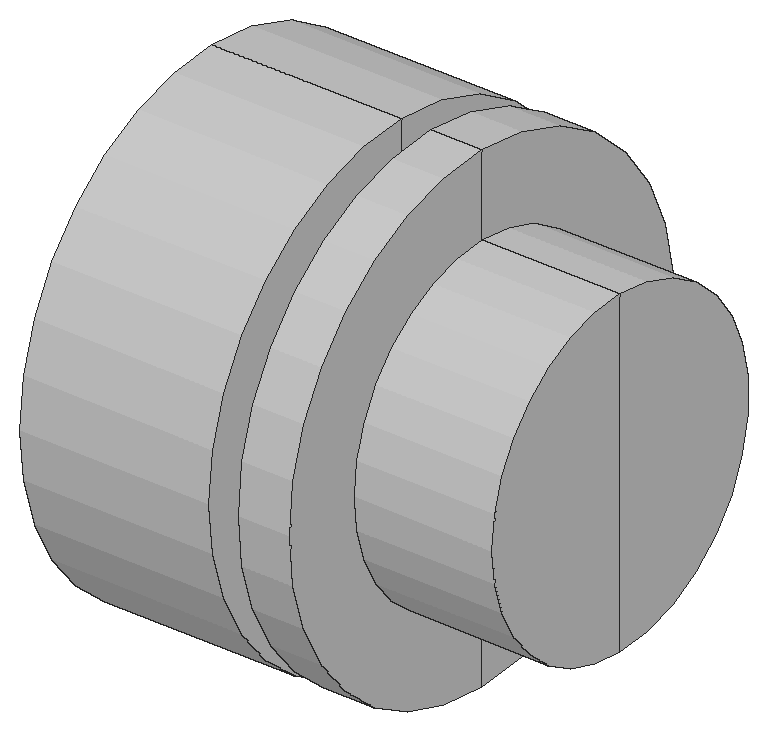
Revit family "6223 22_Anschlussverschraubung", category Rohrformteile, Revit 2021
Family settings
  Bemaßung runder Anschluss = Durchmesser verwenden
  Teiletyp = Verbindung
  OmniClass-Nummer = 23.65.55.14
  OmniClass-Titel = Valves for Liquid Services
  Arbeitsebenenbasiert = Nein
  Immer vertikal = Ja
  Beim Laden mit Abzugskörper schneiden = Nein
  Gemeinsam genutzt = Nein
Parameters (values of type "G3/4xM22x1,5")
  Vorgabe-Ansicht = 0.00 mm
  URL = "www.herz-armaturen.at"
  SCRNSEQ = "AWI;AWI_TYP=\"1001\";2"
  SCRNCODE = "07;01;02"  # constant formula
  S02 = 8.00 mm  # constant formula
  S01 [instance] = GT  # 7.00 mm
  O-Ring = "EPDM"  # constant formula
  Nennweite [instance] = 20.00 mm  # constant formula
  Mutter = "Messing CW614N, vernickelt"  # constant formula
  Max. Betriebstemperatur = 110 °C  # constant formula
  Max. Betriebsdruck = 1000000.0 Pa  # constant formula
  Medium = "Heizungswasser nach ÖNORM H5195 oder VDI- Richtlinie 2035.\r\nDie Verwendung von Ethylen- oder Propyleneglykol in einem Mischungsverhältnis 25- 50% ist zulässig."
  L03 [instance] = 13.00 mm  # constant formula
  Hinweiß = "Der O-Ring dient als zusätzliche Dichtung, bei Verlust ist die Anschlussverschraubung metallisch dichtend."
  GT [instance] = 7.00 mm  # constant formula
  L02 [instance] = 9.50 mm  # constant formula
  L01 [instance] = 13.00 mm  # constant formula
  L00 [instance] = 28.00 mm  # constant formula
  Hersteller = "HERZ Armaturen Ges.m.b.H."  # constant formula
  D04 [instance] = 11.00 mm  # constant formula
  Bestellnummer = 1622322  # constant formula
  D03 [instance] = 16.50 mm  # constant formula
  D02 [instance] = 10.20 mm  # constant formula
  D01 [instance] = 10.00 mm  # constant formula
  D00 [instance] = 16.50 mm  # constant formula
  Ausführung = "Anschlussverschraubung, konisch dichtend mit freidrehender Überwurfmutter G3/4\"."
  Anschlussstück = "Messing CW614N, vernickelt"  # constant formula
Reference planes
  plane 1 "Mitte (Vorne/hinten)": y = 0
  plane 2: z = 0
  plane 3 "Mitte (Links/rechts)": x = 0
Forms (mm)
  Revolve 1, solid, material "Messing, vernickelt", detail levels fine
    sketch origin (0, 0, 0) x (1, 0, 0) y (0, 0, 1)
      loop
        line (0, 10) -> (7, 10) -> (7, 0) -> (28, 0) -> (28, 11) -> (18.5, 11) -> (18.5, 16.5) -> (15, 16.5) -> (15, 10.2) -> (13, 10.2) -> (13, 16.5) -> (0, 16.5) -> (0, 10)
      axis (0, 0) -> (28, 0)
    angle from 0 to 360
Lines and regions (mm)
  model lines, detail levels coarse+medium
    curve 1: line (0, 0, 0) -> (28, 0, 0)
    curve 2: line (7, 0, 16.5) -> (7, 0, -16.5)
    curve 3: line (7, 0, -16.5) -> (15, 0, -16.5)
    curve 4: line (15, 0, -16.5) -> (7, 0, 0)
    curve 5: line (7, 0, 16.5) -> (15, 0, 16.5)
    curve 6: line (15, 0, 16.5) -> (7, 0, 0)
    curve 7: line (7, 16.5, 0) -> (7, -16.5, 0)
    curve 8: line (7, -16.5, 0) -> (15, -16.5, 0)
    curve 9: line (15, -16.5, 0) -> (7, 0, 0)
    curve 10: line (7, 16.5, 0) -> (15, 16.5, 0)
    curve 11: line (15, 16.5, 0) -> (7, 0, 0)
Dimensions and locks
  "L01": Revolve 1 sketch curve to plane 3 "Mitte (Links/rechts)"
  "L00": Revolve 1 sketch curve to plane 3 "Mitte (Links/rechts)"
  "D00": Revolve 1 sketch curve to plane 2
  "L03": Revolve 1 sketch curve to Revolve 1 sketch curve
  "D01": Revolve 1 sketch curve to plane 2
  "D02": Revolve 1 sketch curve to plane 2
  "D03": Revolve 1 sketch curve to plane 2
  "GT": Revolve 1 sketch curve to plane 3 "Mitte (Links/rechts)"
  "L00": curve 1 to curve 1
  "S01": curve 2 to plane 3 "Mitte (Links/rechts)"
  "S02": curve 2 to curve 6
  "S02": curve 2 to curve 4
  "S01": curve 1 to curve 7
  "S02": curve 7 to curve 11
  "S02": curve 7 to curve 9
  "D00": curve 8 to plane 1 "Mitte (Vorne/hinten)" to curve 10
  "D00": curve 5 to plane 2 to curve 3
  "L02": Revolve 1 sketch curve to Revolve 1 sketch curve
  "D04": Revolve 1 sketch curve to plane 2
  aligned and locked: level to plane 2
Automatic sketch dimensions
  curve 1 to level = 0.00 mm
  curve 1 to plane 3 "Mitte (Links/rechts)" = 0.00 mm
  curve 4 to level = 0.00 mm
  curve 6 to curve 4 = 0.00 mm
  plane 1 "Mitte (Vorne/hinten)" to curve 9 = 0.00 mm
  plane 1 "Mitte (Vorne/hinten)" to curve 11 = 0.00 mm
  Revolve 1 sketch curve to level = 0.00 mm  (x2)
  Revolve 1 sketch curve to plane 3 "Mitte (Links/rechts)" = 0.00 mm
  Revolve 1 sketch curve to plane 3 "Mitte (Links/rechts)" = 1506.53 mm
  Revolve 1 sketch curve to Revolve 1 sketch curve = 1792.148 mm
Connectors
  piping at (7, 0, 0), diameter 20, driven by "Nennweite"
    settings: on Revolve 1, index 1, connector inside diameter 609.6 mm, connector length 0.00 mm, flow factor 0, pipe flow 0.0 L/s, pressure drop 0.0 Pa, fitting loss kfactor 0, connector angle 0.00°, fixture units 0, engagement length 0.00 mm, angle of deflection 0.00°, flow configuration 0, flow direction 0, fitting loss method 0, system type 29, joint type 0, gender type 0, connector reference index -1, connector utility 0, adjustable connector no, is connector primary yes, connector description ""
  piping at (28, 0, 0), diameter 20, driven by "Nennweite"
    settings: on Revolve 1, index 2, connector inside diameter 609.6 mm, connector length 0.00 mm, flow factor 0, pipe flow 0.0 L/s, pressure drop 0.0 Pa, fitting loss kfactor 0, connector angle 0.00°, fixture units 0, engagement length 0.00 mm, angle of deflection 0.00°, flow configuration 0, flow direction 0, fitting loss method 0, system type 29, joint type 0, gender type 0, connector reference index -1, connector utility 0, adjustable connector no, is connector primary no, connector description ""
